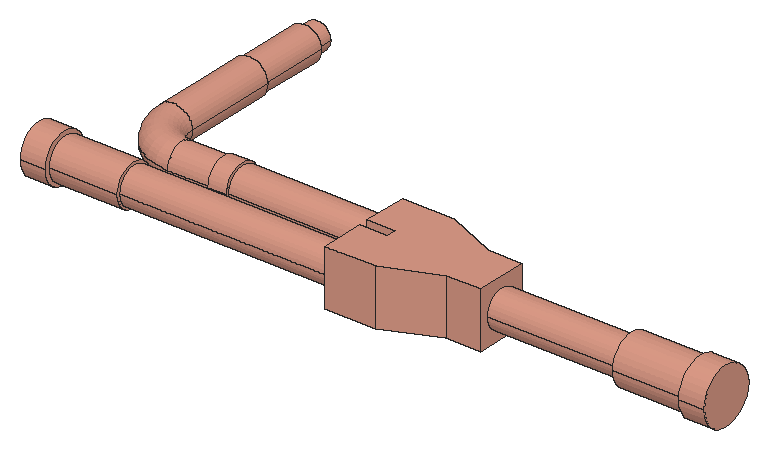
Revit family "outputfile", category 配管付属品, Revit 2024
Family settings
  丸型コネクタ寸法 = 半径を使用
  パーツ タイプ = 標準
  OmniClass 番号 = 23.65.55.00
  OmniClass タイトル = Distribution of Supplied Liquids/Gases
  作業面ベース = いいえ
  常に垂直 = はい
  ロード時にボイドで切り取り = いいえ
  共有 = いいえ
Parameters (values of type "BHFP22P151_(1)")
  Description = ""
  製造元 = "Daikin"
  書き出し IFC クラス(タイプ) = "IfcPipeFittingType"
  Default Elevation = 0.0 mm
  定義済み IFC タイプ(タイプ) = "JUNCTION"
  Cost = 0
  モデル = "BHFP22P151_(1)"
  Type Comments = ""
  Keynote = ""
  Type Image = (empty or 0)
  Assembly Code = ""
  table_PipeToCU_B [instance] = if(mm⇔inch, "Multi Module Kit_BHFP22P-_Liquid_PipeToCU_B", "Multi Module Kit_BHFP22P-_Liquid_PipeToCU_B_inch")  # "Multi Module Kit_BHFP22P-_Liquid_PipeToCU_B"
  table_PipeToCU_A [instance] = if(mm⇔inch, "Multi Module Kit_BHFP22P-_Liquid_PipeToCU_A", "Multi Module Kit_BHFP22P-_Liquid_PipeToCU_A_inch")  # "Multi Module Kit_BHFP22P-_Liquid_PipeToCU_A"
  table_ToMainPipe [instance] = if(mm⇔inch, "Multi Module Kit_BHFP22P-_Liquid_ToMainPipe", "Multi Module Kit_BHFP22P-_Liquid_ToMainPipe_inch")  # "Multi Module Kit_BHFP22P-_Liquid_ToMainPipe"
  switch_ToMainPipe3 [instance] = if(number_ToMainPipe < 3, 1 = 0, 1 = 1)  # no
  switch_PipeToCU_B Reducer [instance] = if(and(Is_PipeToCU_B Reducer = 1, judge_IsOffsetPipe_ToOutdoorUnitB = 0), 1 = 1, 1 = 0)  # no
  switch_PipeToCU_B4 [instance] = if(number_PipeToCU_B < 4, 1 = 0, 1 = 1)  # no
  switch_PipeToCU_B3 [instance] = if(number_PipeToCU_B < 3, 1 = 0, 1 = 1)  # no
  switch_PipeToCU_B2 [instance] = if(number_PipeToCU_B < 2, 1 = 0, 1 = 1)  # yes
  switch_PipeToCU_A Reducer [instance] = if(Is_PipeToCU_A Reducer = 1, 1 = 1, 1 = 0)  # yes
  switch_ToMainPipe Reducer [instance] = if(Is_ToMainPipe Reducer = 1, 1 = 1, 1 = 0)  # no
  switch_ToMainPipe2 [instance] = if(number_ToMainPipe < 2, 1 = 0, 1 = 1)  # yes
  r_PipeToCU_B_ActualDiameter [instance] = PipeToCU_B_Liquid_ActualDiameter / 2  # 9.55 mm
  r_PipeToCU_A_ActualDiameter [instance] = PipeToCU_A_Liquid_ActualDiameter / 2  # 4.75 mm
  r_ToMainPipe_ActualDiameter [instance] = ToMainPipe_Liquid_ActualDiameter / 2  # 11.1 mm
  number_PipeToCU_B ReducerPipe [instance] = size_lookup(table_PipeToCU_B, "reducerPipeNumber", 0, モデル, judge_IsOffsetPipe_ToOutdoorUnitB, PipeToCU_B_Liquid_ActualDiameter)  # 0
  number_PipeToCU_B [instance] = size_lookup(table_PipeToCU_B, "pipeNumber", 2, モデル, judge_IsOffsetPipe_ToOutdoorUnitB, PipeToCU_B_Liquid_ActualDiameter)  # 2
  number_PipeToCU_A ReducerPipe [instance] = size_lookup(table_PipeToCU_A, "reducerPipeNumber", 3, モデル, PipeToCU_A_Liquid_ActualDiameter)  # 3
  number_ToMainPipe [instance] = size_lookup(table_ToMainPipe, "pipeNumber", 3, モデル, ToMainPipe_Liquid_ActualDiameter)  # 2
  mm⇔inch [instance] = yes
  l_ToMainPipe3 [instance] = size_lookup(table_ToMainPipe, "L_Pipe3", 11.0 mm, モデル)  # 2.0 mm
  judge_IsOffsetPipe_ToOutdoorUnitB [instance] = 0  # constant formula
  Unit Type = "BHFP22P-_Liquid"
  Uniclass2015Version = "Products v1.31"
  Uniclass2015Title = "Copper pipe fittings"
  Uniclass2015Code = "Pr_65_52_63_18"
  URL = ""
  ToMainPipe_Liquid_Status [instance] = size_lookup(table_ToMainPipe, "Information", "The connected pipe size is not available.", モデル, ToMainPipe_Liquid_ActualDiameter)  # "Default connector size is used."
  ToMainPipe_Liquid_ActualDiameter [instance] = 22.2 mm
  Tag No. [instance] = ""
  Series = "Multi Module kit"
  RotateBranchPipetoCU_A_80° [instance] = no
  PipeToCU_B_Liquid_Status [instance] = size_lookup(table_PipeToCU_B, "Information", "The connected pipe size is not available.", モデル, judge_IsOffsetPipe_ToOutdoorUnitB, PipeToCU_B_Liquid_ActualDiameter)  # "Default connector size is used."
  PipeToCU_B_Liquid_ActualDiameter [instance] = 19.1 mm
  PipeToCU_A_Liquid_Status [instance] = size_lookup(table_PipeToCU_A, "Information", "The connected pipe size is not available.", モデル, PipeToCU_A_Liquid_ActualDiameter)  # "Reducer is used at connector."
  PipeToCU_A_Liquid_ActualDiameter [instance] = 9.5 mm
  O.D_PipeToCU_B Reducer [instance] = size_lookup(table_PipeToCU_B, "O.D_reducer", 2.0 mm, モデル, judge_IsOffsetPipe_ToOutdoorUnitB, PipeToCU_B_Liquid_ActualDiameter)  # 2.0 mm
  Material_Piping = DAIKIN_Copper_Pipe
  Material_Insulation = DAIKIN_White_Insulation
  location_PipeToCU_A connector [instance] = size_lookup(table_PipeToCU_A, "Locationconnector", 107.0 mm, モデル, PipeToCU_A_Liquid_ActualDiameter)  # 107.0 mm
  l_PipeToCU_B connector [instance] = size_lookup(table_PipeToCU_B, "Length", 128.0 mm, モデル, judge_IsOffsetPipe_ToOutdoorUnitB, PipeToCU_B_Liquid_ActualDiameter)  # 132.0 mm
  l_PipeToCU_B Reducer [instance] = 80.0 mm  # constant formula
  l_PipeToCU_B4 [instance] = size_lookup(table_PipeToCU_B, "L_Pipe4", 2.0 mm, モデル)  # 2.0 mm
  l_PipeToCU_B3 [instance] = size_lookup(table_PipeToCU_B, "L_Pipe3", 2.0 mm, モデル)  # 2.0 mm
  l_PipeToCU_B2 [instance] = size_lookup(table_PipeToCU_B, "L_Pipe2", 7.0 mm, モデル)  # 11.0 mm
  l_PipeToCU_B1 [instance] = size_lookup(table_PipeToCU_B, "L_Pipe1", 30.0 mm, モデル)  # 30.0 mm
  l_PipeToCU_B0 [instance] = size_lookup(table_PipeToCU_B, "L_Pipe0", 91.0 mm, モデル)  # 91.0 mm
  l_PipeToCU_A connector [instance] = size_lookup(table_PipeToCU_A, "Length", 97.0 mm, モデル, PipeToCU_A_Liquid_ActualDiameter)  # 97.0 mm
  l_PipeToCU_A1 [instance] = size_lookup(table_PipeToCU_A, "L_Pipe1", 8.0 mm, モデル)  # 8.0 mm
  l_PipeToCU_A0 [instance] = size_lookup(table_PipeToCU_A, "L_Pipe0", 62.0 mm, モデル)  # 62.0 mm
  l_ToMainPipe connector [instance] = size_lookup(table_ToMainPipe, "Length", 128.0 mm, モデル, ToMainPipe_Liquid_ActualDiameter)  # 98.0 mm
  l_ToMainPipe Reducer [instance] = size_lookup(table_ToMainPipe, "L_Reducer", 2.0 mm, モデル, ToMainPipe_Liquid_ActualDiameter)  # 2.0 mm
  l_ToMainPipe2 [instance] = size_lookup(table_ToMainPipe, "L_Pipe2", 30.0 mm, モデル)  # 11.0 mm
  l_ToMainPipe1 [instance] = size_lookup(table_ToMainPipe, "L_Pipe1", 30.0 mm, モデル)  # 30.0 mm
  l_ToMainPipe0 [instance] = size_lookup(table_ToMainPipe, "L_Pipe0", 57.0 mm, モデル)  # 57.0 mm
  judge_JointType(1or2) = 1
  count_PipeToCU_B Reducer [instance] = 0  # constant formula
  count_PipeToCU_A Reducer [instance] = size_lookup(table_PipeToCU_A, "reducerCount", 1, モデル, PipeToCU_A_Liquid_ActualDiameter)  # 1
  angle_PipeToCU_A Pipe [instance] = if(RotateBranchPipetoCU_A_90°, 90.00°, if(RotateBranchPipetoCU_A_80°, 80.00°, 0.00°))  # 0.00°
  angle_PipeToCU_A Connector [instance] = angle_PipeToCU_A Pipe + 90.00°  # 90.00°
  PipeToCU_B_Liquid_AvailableDiameter [instance] = size_lookup(table_PipeToCU_B, "sizeVariation", "", モデル, judge_IsOffsetPipe_ToOutdoorUnitB)  # "9.5/12.7/15.9/19.1mm"
  PipeToCU_A_Liquid_AvailableDiameter [instance] = size_lookup(table_PipeToCU_A, "sizeVariation", "", モデル)  # "9.5/12.7/15.9/19.1mm"
  ToMainPipe_Liquid_AvailableDiameter [instance] = size_lookup(table_ToMainPipe, "sizeVariation", "", モデル)  # "15.9/19.1/22.2mm"
  RotateBranchPipetoCU_A_90° [instance] = no
  O.D_ToMainPipe Reducer [instance] = size_lookup(table_ToMainPipe, "O.D_reducer", 2.0 mm, モデル, ToMainPipe_Liquid_ActualDiameter)  # 2.0 mm
  Link_Nested Family [instance] = ""
  Is_PipeToCU_B Reducer [instance] = size_lookup(table_PipeToCU_B, "IsReducer", 0, モデル, judge_IsOffsetPipe_ToOutdoorUnitB, PipeToCU_B_Liquid_ActualDiameter)  # 0
  Is_PipeToCU_A Reducer [instance] = size_lookup(table_PipeToCU_A, "IsReducer", 1, モデル, PipeToCU_A_Liquid_ActualDiameter)  # 1
  Is_ToMainPipe Reducer [instance] = size_lookup(table_ToMainPipe, "IsReducer", 0, モデル, ToMainPipe_Liquid_ActualDiameter)  # 0
  IfcVersion = ""
  IfcExportType = "JUNCTION"
  IfcExportAs = "IfcPipeFittingType"
  I.D_ToMainPipe3 [instance] = size_lookup(table_ToMainPipe, "I.D_PipeSize3", 22.2 mm, モデル)  # 2.0 mm
  I.D_PipeToCU_B Reducer [instance] = size_lookup(table_PipeToCU_B, "I.D_reducer", 2.0 mm, モデル, judge_IsOffsetPipe_ToOutdoorUnitB, PipeToCU_B_Liquid_ActualDiameter)  # 2.0 mm
  Attach_Insulation [instance] = no
  I.D_PipeToCU_B4 [instance] = size_lookup(table_PipeToCU_B, "I.D_PipeSize4", 2.0 mm, モデル)  # 2.0 mm
  I.D_PipeToCU_B3 [instance] = size_lookup(table_PipeToCU_B, "I.D_PipeSize3", 2.0 mm, モデル)  # 2.0 mm
  I.D_PipeToCU_B2 [instance] = size_lookup(table_PipeToCU_B, "I.D_PipeSize2", 9.5 mm, モデル)  # 19.1 mm
  I.D_PipeToCU_B1 [instance] = size_lookup(table_PipeToCU_B, "I.D_PipeSize1", 12.7 mm, モデル)  # 15.9 mm
  I.D_PipeToCU_B0 [instance] = size_lookup(table_PipeToCU_B, "I.D_PipeSize0", 13.9 mm, モデル)  # 13.9 mm
  I.D_PipeToCU_A1 [instance] = 15.5 mm  # constant formula
  I.D_PipeToCU_A0 [instance] = 13.9 mm  # constant formula
  I.D_ToMainPipe Reducer [instance] = size_lookup(table_ToMainPipe, "I.D_reducer", 2.0 mm, モデル, ToMainPipe_Liquid_ActualDiameter)  # 2.0 mm
  I.D_ToMainPipe2 [instance] = size_lookup(table_ToMainPipe, "I.D_PipeSize2", 19.1 mm, モデル)  # 22.2 mm
  I.D_ToMainPipe1 [instance] = size_lookup(table_ToMainPipe, "I.D_PipeSize1", 15.9 mm, モデル)  # 19.1 mm
  I.D_ToMainPipe0 [instance] = size_lookup(table_ToMainPipe, "I.D_PipeSize0", 13.9 mm, モデル)  # 13.9 mm
Reference planes
  plane 1 "Center (Front/Back)": y = 0
  plane 2: z = 0
  plane 3 "pipe2": x = 225.65
  plane 4: x = 214.65
  plane 5: x = 184.65
  plane 6: x = 127.65
  plane 7: x = 67.65
  plane 8: x = -2.35
  plane 9: x = -23.35
  plane 10: x = -53.35
  plane 11: x = -64.35
  plane 12: x = -66.35
  plane 13: x = -68.35
  plane 14 "offset_center": y = 11.5
  plane 15: y = -11.5
  plane 16: x = 5.65
  plane 17: x = 177.65
  plane 18 "ToMainPipe_connector": x = 225.65
  plane 19 "connector_OutdoorunitA": x = -39.35
  plane 20 "connector_ToOutdoorUnitB": x = -104.35
  plane 21 "pipe3": x = 227.65
  plane 22 "connector_PipeToCU_B": x = -64.35
Forms (mm)
  Extrusion 1, solid, material "DAIKIN_Copper_Pipe" <- "Material_Piping"
    sketch origin (0, 0, 0) x (1, 0, 0) y (0, 1, 0)
      loop
        line (67.65, 1.998) -> (79.65, 1.998) -> (79.65, -1.998) -> (67.65, -1.998) -> (67.65, -21.2) -> (89.801, -21.2) -> (112.65, -11.3) -> (127.65, -11.3) -> (127.65, 11.3) -> (112.65, 11.3) -> (89.801, 21.2) -> (67.65, 21.2) -> (67.65, 1.998)
    from -12.2 to 12.2
Dimensions and locks
  locked: plane 6 to plane 17 at 50
  "l_PipeToCU_A1": plane 8 to plane 16
  "l_PipeToCU_B1": plane 10 to plane 9
  "l_PipeToCU_B2": plane 11 to plane 10
  "l_PipeToCU_B3": plane 12 to plane 11
  "l_PipeToCU_B4": plane 13 to plane 12
  locked: plane 7 to plane 6 at 60
  "l_ToMainPipe1": plane 5 to plane 4
  "l_ToMainPipe2": plane 4 to plane 3 "pipe2"
  "l_ToMainPipe0": plane 6 to plane 5
  "l_ToMainPipe connector": plane 6 to plane 18 "ToMainPipe_connector"
  plane 14 "offset_center" to plane 1 "Center (Front/Back)" to plane 15 = 11.5 mm locked, 11.5 mm locked
  locked: plane 1 "Center (Front/Back)" to Extrusion 1 sketch curve at 11.3  (x2)
  locked: Extrusion 1 sketch curve to plane 1 "Center (Front/Back)" at 21.2
  locked: plane 1 "Center (Front/Back)" to Extrusion 1 sketch curve at 21.2
  "l_PipeToCU_A0": plane 16 to plane 7
  "location_PipeToCU_A connector": plane 19 "connector_OutdoorunitA" to plane 7
  "l_PipeToCU_B0": plane 9 to plane 7
  "l_ToMainPipe3": plane 3 "pipe2" to plane 21 "pipe3"
  "l_PipeToCU_B connector": plane 22 "connector_PipeToCU_B" to plane 7
  aligned and locked: level to plane 2
  aligned and locked: plane 2 to nested 1
  aligned and locked: plane 1 "Center (Front/Back)" to nested 1
  aligned and locked: plane 3 "pipe2" to nested 1
  aligned and locked: plane 4 to nested 1
  aligned and locked: plane 4 to nested 2
  aligned and locked: plane 5 to nested 2
  aligned and locked: plane 5 to nested 3
  aligned and locked: plane 6 to nested 3
  aligned and locked: plane 6 to Extrusion 1
  aligned and locked: Extrusion 1 to plane 7  (x2)
  aligned and locked: plane 7 to nested 4
  aligned and locked: plane 8 to nested 5
  aligned and locked: plane 16 to nested 5
  aligned and locked: nested 5 to plane 14 "offset_center"
  aligned and locked: nested 6 to plane 15
  aligned and locked: plane 7 to nested 6
  aligned and locked: plane 9 to nested 6
  aligned and locked: plane 10 to nested 7
  aligned and locked: plane 9 to nested 7
  aligned and locked: plane 11 to nested 8
  aligned and locked: plane 10 to nested 8
  aligned and locked: plane 12 to nested 9
  aligned and locked: plane 11 to nested 9
  aligned and locked: plane 13 to nested 10
  aligned and locked: plane 12 to nested 10
  aligned and locked: nested 10 to plane 15
  aligned and locked: nested 9 to plane 15
  aligned and locked: nested 8 to plane 15
  aligned and locked: nested 7 to plane 15
  aligned and locked: plane 1 "Center (Front/Back)" to nested 11
  aligned and locked: plane 17 to nested 11
  aligned and locked: plane 16 to nested 4
  aligned and locked: nested 12 to plane 14 "offset_center"
  aligned and locked: plane 8 to nested 12
  aligned and locked: plane 1 "Center (Front/Back)" to nested 13
  aligned and locked: plane 18 "ToMainPipe_connector" to nested 13
  aligned and locked: plane 6 to nested 14
  aligned and locked: plane 1 "Center (Front/Back)" to nested 3
  aligned and locked: nested 15 to plane 7
  aligned and locked: nested 4 to plane 14 "offset_center"
  aligned and locked: plane 3 "pipe2" to nested 16
  aligned and locked: plane 21 "pipe3" to nested 16
  aligned and locked: nested 15 to plane 15
  aligned and locked: nested 17 to plane 22 "connector_PipeToCU_B"
  aligned and locked: plane 15 to nested 17
  aligned and locked: plane 14 "offset_center" to nested 18
  aligned and locked: nested 18 to plane 19 "connector_OutdoorunitA"
Automatic sketch dimensions
  Extrusion 1 sketch curve to plane 7 = 0.0 mm  (x2)
  Extrusion 1 sketch curve to plane 6 = 0.0 mm
  Extrusion 1 sketch curve to plane 1 "Center (Front/Back)" = 1.998 mm
  plane 7 to Extrusion 1 sketch curve = 12.0 mm
  Extrusion 1 sketch curve to Extrusion 1 sketch curve = 10.151 mm  (x2)
  Extrusion 1 sketch curve to Extrusion 1 sketch curve = 15.0 mm  (x2)
  plane 1 "Center (Front/Back)" to Extrusion 1 sketch curve = 1.998 mm
Nested families
  nested 1: "daikin_Pipe" at (220.15, 0, 0), I.D_Pipe <- "I.D_ToMainPipe2", display <- "switch_ToMainPipe2", type "*"
    with length_Pipe 11.0 mm, display yes, O.D_Pipe 24.2 mm, I.D_Pipe 22.2 mm
  nested 2: "daikin_Pipe" at (199.65, 0, 0), I.D_Pipe <- "I.D_ToMainPipe1", type "*"
    with length_Pipe 30.0 mm, display yes, O.D_Pipe 21.1 mm, I.D_Pipe 19.1 mm
  nested 3: "daikin_Pipe" at (156.15, 0, 0), I.D_Pipe <- "I.D_ToMainPipe0", type "*"
    with length_Pipe 57.0 mm, display yes, O.D_Pipe 15.9 mm, I.D_Pipe 13.9 mm
  nested 4: "daikin_Pipe" at (36.65, 11.5, 0), I.D_Pipe <- "I.D_PipeToCU_A0", type "*"
    with length_Pipe 62.0 mm, display yes, O.D_Pipe 15.9 mm, I.D_Pipe 13.9 mm
  nested 5: "daikin_Pipe" at (1.65, 11.5, 0), I.D_Pipe <- "I.D_PipeToCU_A1", type "*"
    with length_Pipe 8.0 mm, display yes, O.D_Pipe 17.5 mm, I.D_Pipe 15.5 mm
  nested 6: "daikin_Pipe" at (22.15, -11.5, 0), I.D_Pipe <- "I.D_PipeToCU_B0", type "*"
    with length_Pipe 91.0 mm, display yes, O.D_Pipe 15.9 mm, I.D_Pipe 13.9 mm
  nested 7: "daikin_Pipe" at (-38.35, -11.5, 0), I.D_Pipe <- "I.D_PipeToCU_B1", type "*"
    with length_Pipe 30.0 mm, display yes, O.D_Pipe 17.9 mm, I.D_Pipe 15.9 mm
  nested 8: "daikin_Pipe" at (-58.85, -11.5, 0), I.D_Pipe <- "I.D_PipeToCU_B2", display <- "switch_PipeToCU_B2", type "*"
    with length_Pipe 11.0 mm, display yes, O.D_Pipe 21.1 mm, I.D_Pipe 19.1 mm
  nested 9: "daikin_Pipe" at (-65.35, -11.5, 0), display <- "switch_PipeToCU_B3", I.D_Pipe <- "I.D_PipeToCU_B3", visible <- "switch_PipeToCU_B3", type "*"
    with length_Pipe 2.0 mm, display no, O.D_Pipe 4.0 mm, I.D_Pipe 2.0 mm
  nested 10: "daikin_Pipe" at (-67.35, -11.5, 0), display <- "switch_PipeToCU_B4", I.D_Pipe <- "I.D_PipeToCU_B4", visible <- "switch_PipeToCU_B4", type "*"
    with length_Pipe 2.0 mm, display no, O.D_Pipe 4.0 mm, I.D_Pipe 2.0 mm
  nested 11: "daikin_MultiModeluKit_Insulation" at (177.65, 0, 0), display <- "Attach_Insulation", type "*"
    with h 54.2 mm, display no, I.D_Outlet PipeSize 22.2 mm
  nested 12: "daikin_Multi Module kit_Reducer90_rotate" at (-2.35, 11.5, 0), number_reducerPipe <- "number_PipeToCU_A ReducerPipe", angle_Pipe <- "angle_PipeToCU_A Pipe", I.D_Pipe <- "PipeToCU_A_Liquid_ActualDiameter", count_Reducer <- "count_PipeToCU_A Reducer", type "*"
    with number_reducerPipe 3, display_Pipe2 yes, display_Pipe1 yes, count_Reducer 1, angle_Pipe 0.00°, I.D_Pipe 9.5 mm
  nested 13: "daikin_Pipe_reducer" at (224.65, 0, 0), I.D_Pipe1 <- "I.D_ToMainPipe Reducer", O.D_Pipe2 <- "O.D_ToMainPipe Reducer", length_Pipe <- "l_ToMainPipe Reducer", display <- "switch_ToMainPipe Reducer", type "*"
    with length_Pipe 2.0 mm, display no, O.D_Pipe2 2.0 mm, O.D_Pipe1 4.0 mm, I.D_Pipe2 0.0 mm, I.D_Pipe1 2.0 mm
  nested 14: "daikin_connector_rotate3" at (127.65, 0, 0) x (0, 1, 0) z (0, 0, 1), length <- "l_ToMainPipe connector", type "daikin_connector_rotate3"
    with radius 10.0 mm, length 98.0 mm, angle_vertical 90.00°, angle_horizontal 0.00°, show_face no, show_circle no
  nested 15: "daikin_connector_rotate3" at (67.65, -11.5, 0) x (0, -1, 0) z (0, 0, 1), length <- "l_PipeToCU_B connector", type "daikin_connector_rotate3"
    with radius 10.0 mm, length 132.0 mm, angle_vertical 90.00°, angle_horizontal 0.00°, show_face no, show_circle no
  nested 16: "daikin_Pipe" at (226.65, 0, 0), display <- "switch_ToMainPipe3", I.D_Pipe <- "I.D_ToMainPipe3", type "*"
    with length_Pipe 2.0 mm, display no, O.D_Pipe 4.0 mm, I.D_Pipe 2.0 mm
  nested 17: "daikin_Pipe_reducer" at (-24.35, -11.5, 0) x (-1, 0, 0) z (0, 0, 1), length_Pipe <- "l_PipeToCU_B Reducer", I.D_Pipe1 <- "I.D_PipeToCU_B Reducer", O.D_Pipe2 <- "O.D_PipeToCU_B Reducer", display <- "switch_PipeToCU_B Reducer", type "*"
    with length_Pipe 80.0 mm, display no, O.D_Pipe2 2.0 mm, O.D_Pipe1 4.0 mm, I.D_Pipe2 0.0 mm, I.D_Pipe1 2.0 mm
  nested 18: "daikin_connector_rotate3" at (-39.35, 11.5, 0) x (-1, 0, 0) z (0, 0, 1), angle_vertical <- "angle_PipeToCU_A Connector", length <- "l_PipeToCU_A connector", type "daikin_connector_rotate3"
    with radius 10.0 mm, length 97.0 mm, angle_vertical 90.00°, angle_horizontal 0.00°, show_face no, show_circle no
Connectors
  piping at (225.65, 0, 0), diameter 22.2, driven by "r_ToMainPipe_ActualDiameter"
    settings: on nested 14, index 1, connector inside diameter 609.6 mm, connector length 0.0 mm, flow factor 0, pipe flow 0.00 m³/h, pressure drop 0.0 Pa, fitting loss kfactor 0, connector angle 0.00°, fixture units 0, engagement length 0.0 mm, angle of deflection 0.00°, flow configuration 0, flow direction 2, fitting loss method 0, system type 29, joint type 0, gender type 0, connector reference index -1, connector utility 0, adjustable connector no, is connector primary yes, connector description "Multi Module kit_to Main Pipe_Liquid"
  piping at (-64.35, -11.5, 0), diameter 19.1, driven by "r_PipeToCU_B_ActualDiameter"
    settings: on nested 15, index 3, connector inside diameter 609.6 mm, connector length 0.0 mm, flow factor 0, pipe flow 0.00 m³/h, pressure drop 0.0 Pa, fitting loss kfactor 0, connector angle 0.00°, fixture units 0, engagement length 0.0 mm, angle of deflection 0.00°, flow configuration 0, flow direction 1, fitting loss method 0, system type 29, joint type 0, gender type 0, connector reference index -1, connector utility 0, adjustable connector no, is connector primary no, connector description "Multi Module kit_Piping to CU-B_Liquid"
  piping at (-39.35, 108.5, 0), diameter 9.5, driven by "r_PipeToCU_A_ActualDiameter"
    settings: on nested 18, index 4, connector inside diameter 609.6 mm, connector length 0.0 mm, flow factor 0, pipe flow 0.00 m³/h, pressure drop 0.0 Pa, fitting loss kfactor 0, connector angle 0.00°, fixture units 0, engagement length 0.0 mm, angle of deflection 0.00°, flow configuration 0, flow direction 1, fitting loss method 0, system type 29, joint type 0, gender type 0, connector reference index -1, connector utility 0, adjustable connector no, is connector primary no, connector description "Multi Module kit_Piping to CU-A_Liquid"
Definition of nested family "daikin_Pipe"
  Parameters (values of type "*")
    Default Elevation = 0.0 mm
    material = none
    length_Pipe [instance] = 150.0 mm
    display [instance] = yes
    O.D_Pipe [instance] = I.D_Pipe + 2.0 mm  # 27.0 mm
    I.D_Pipe [instance] = 25.0 mm
  Reference planes
    plane 1 "Center (Front/Back)": y = 0
    plane 2 "center(vertical)": z = 0
    plane 3 "Center (Left/Right)": x = 0
    plane 4 "left": x = -75
    plane 5 "right": x = 75
  Forms (mm)
    Extrusion 1, solid, material <- "material", visible <- "display"
      sketch origin (0, 0, 0) x (0, 1, 0) y (0, 0, 1)
        loop
          circle (0, 0) r 13.5
      from -75 to 75
  Dimensions and locks
    equal spacing: plane 4 "left", plane 3 "Center (Left/Right)", plane 5 "right"
    "length_Pipe": plane 4 "left" to plane 5 "right"
    "O.D_Pipe": diameter of Extrusion 1 sketch curve
    aligned and locked: level to plane 2 "center(vertical)"
    aligned and locked: plane 2 "center(vertical)" to Extrusion 1 sketch curve
    aligned and locked: plane 1 "Center (Front/Back)" to Extrusion 1 sketch curve
    aligned and locked: plane 5 "right" to Extrusion 1
    aligned and locked: Extrusion 1 to plane 4 "left"
Definition of nested family "daikin_Multi Module kit_Reducer90_rotate"
  Parameters (values of type "*")
    Default Elevation = 0.0 mm
    number_reducerPipe [instance] = 4
    material_Pipe = none
    display_Pipe2 [instance] = if(number_reducerPipe < 3, 1 = 0, 1 = 1)  # yes
    display_Pipe1 [instance] = if(number_reducerPipe < 2, 1 = 0, 1 = 1)  # yes
    count_Reducer [instance] = 0
    angle_Pipe [instance] = 30.00°
    I.D_Pipe [instance] = 0.0 mm
  Reference planes
    plane 1 "Center (Front/Back)": y = 0
    plane 2: z = 0
    plane 3 "Center (Left/Right)": x = 0
  Dimensions and locks
    "angle_Pipe": angle plane 2 to nested 1
    aligned and locked: level to plane 2
  Nested families
    nested 1: "daikin_Multi Module kit_Reducer90" at (0, 0, 0) x (1, 0, 0) z (0, -0.5, 0.866), display_Pipe2 <- "display_Pipe2", display_Pipe1 <- "display_Pipe1", I.D_connector <- "I.D_Pipe", count_Reducer <- "count_Reducer", type "*"
      with display_Reducer no, display_Pipe2 yes, display_Pipe1 yes, count_Reducer 0, I.D_connector 0.0 mm
  Definition of nested family "daikin_Multi Module kit_Reducer90"
    Parameters (values of type "*")
      Default Elevation = 0.0 mm
      material_Pipe = none
      display_Reducer [instance] = and(I.D_connector = 19.1 mm, count_Reducer = 2)  # no
      display_Pipe2 [instance] = yes
      display_Pipe1 [instance] = yes
      count_Reducer [instance] = 0
      O.D_Pipe2 = 9.5 mm + 2.0 mm  # 11.5 mm
      O.D_Pipe1 = 12.7 mm + 2.0 mm  # 14.7 mm
      O.D_Pipe0 = 15.9 mm  # constant formula
      I.D_connector [instance] = 0.0 mm
    Reference planes
      plane 1 "Center (Front/Back)": y = 0
      plane 2 "center_vertical": z = 0
      plane 3 "Center (Left/Right)": x = 0
      plane 4 "center_toOutdoor": x = -37
      plane 5: y = 60
      plane 6: y = 90
      plane 7: y = 97
    Forms (mm)
      Sweep 1, solid, material <- "material_Pipe"
        path origin (0, 0, 0) x (1, 0, 0) y (0, 1, 0)
          loop
            line (0, 0) -> (-18.241, 0)
            arc (-18.241, 0) -> (-31.506, 5.494) -> (-37, 18.759) r 18.759
            line (-37, 18.759) -> (-37, 60)
        profile origin (-9.12, 0, 0) x (0, -1, 0) y (0, 0, 1)
          loop
            circle (0, 0) r 7.95
      Extrusion 2, solid, material <- "material_Pipe", visible <- "display_Pipe1"
        sketch origin (0, 0, 0) x (1, 0, 0) y (0, 0, 1)
          loop
            circle (-37, 0) r 7.35
        from -90 to -60
      Extrusion 3, solid, material <- "material_Pipe", visible <- "display_Pipe2"
        sketch origin (75, -2.05, 0) x (1, 0, 0) y (0, 0, 1)
          loop
            circle (-112, 0) r 5.75
        from -99.05 to -92.05
    Lines and regions (mm)
      reference lines
        curve 1: line (0, 0, 0) -> (-37, 0, 0)
    Dimensions and locks
      plane 1 "Center (Front/Back)" to plane 5 = 60.0 mm
      plane 6 to plane 5 = 30.0 mm
      plane 7 to plane 6 = 7.0 mm
      plane 4 "center_toOutdoor" to plane 3 "Center (Left/Right)" = 37.0 mm
      "O.D_Pipe2": diameter of Extrusion 3 sketch curve
      "O.D_Pipe0": diameter of Sweep 1 sketch curve
      "O.D_Pipe1": diameter of Extrusion 2 sketch curve
      aligned and locked: level to plane 2 "center_vertical"
      aligned and locked: plane 6 to Extrusion 2
      aligned and locked: Extrusion 2 to plane 5
      aligned and locked: Extrusion 3 to plane 6
      aligned and locked: Sweep 1 sketch curve to plane 1 "Center (Front/Back)"
      aligned and locked: plane 3 "Center (Left/Right)" to curve 1
      aligned and locked: curve 1 to plane 1 "Center (Front/Back)"
      aligned and locked: plane 7 to Extrusion 3
      aligned and locked: plane 6 to nested 1
      aligned and locked: plane 4 "center_toOutdoor" to nested 1
    Automatic sketch dimensions
      Sweep 1 sketch curve to plane 4 "center_toOutdoor" = 0.0 mm
      Sweep 1 sketch curve to plane 3 "Center (Left/Right)" = 0.0 mm
      Sweep 1 sketch curve to plane 5 = 0.0 mm
      Sweep 1 sketch curve to plane 3 "Center (Left/Right)" = 18.241 mm
      curve 1 to plane 4 "center_toOutdoor" = 0.0 mm
      Sweep 1 sketch curve to level = 0.0 mm
      Sweep 1 sketch curve to profile plane = 0.0 mm
      Extrusion 2 sketch curve to level = 0.0 mm
      Extrusion 2 sketch curve to plane 4 "center_toOutdoor" = 0.0 mm
      Extrusion 3 sketch curve to level = 0.0 mm
      Extrusion 3 sketch curve to plane 4 "center_toOutdoor" = 0.0 mm
    Nested families
      nested 1: "daikin_Pipe_reducer" at (-37, 130, 0) x (0, 1, 0) z (0, 0, 1), display <- "display_Reducer", type "*"
        with length_Pipe 80.0 mm, display no, O.D_Pipe2 12.7 mm, O.D_Pipe1 21.1 mm, I.D_Pipe2 10.7 mm, I.D_Pipe1 19.1 mm
    Definition of nested family "daikin_Pipe_reducer"
      Parameters (values of type "*")
        Default Elevation = 0.0 mm
        material = none
        length_Pipe [instance] = 250.0 mm
        display [instance] = yes
        O.D_Pipe2 [instance] = 19.1 mm
        O.D_Pipe1 [instance] = I.D_Pipe1 + 2.0 mm  # 24.2 mm
        I.D_Pipe2 [instance] = O.D_Pipe2 - 2.0 mm  # 17.1 mm
        I.D_Pipe1 [instance] = 22.2 mm
      Reference planes
        plane 1 "Center (Front/Back)": y = 0
        plane 2 "center(vertical)": z = 0
        plane 3 "Center (Left/Right)": x = 0
        plane 4 "connection": x = -125
        plane 5 "right": x = 113
        plane 6: x = 125
      Forms (mm)
        Extrusion 1, solid, material <- "material", visible <- "display"
          sketch origin (0, 0, 0) x (0, 1, 0) y (0, 0, 1)
            loop
              circle (0, 0) r 9.55
          from -125 to 113
        Extrusion 2, solid, material <- "material", visible <- "display"
          sketch origin (0, 0, 0) x (0, 1, 0) y (0, 0, 1)
            loop
              circle (0, 0) r 12.1
          from 113 to 125
      Dimensions and locks
        locked: plane 5 "right" to plane 6 at 12
        "length_Pipe": plane 4 "connection" to plane 6
        equal spacing: plane 4 "connection", plane 3 "Center (Left/Right)", plane 6
        "O.D_Pipe2": diameter of Extrusion 1 sketch curve
        "O.D_Pipe1": diameter of Extrusion 2 sketch curve
        aligned and locked: level to plane 2 "center(vertical)"
        aligned and locked: plane 2 "center(vertical)" to Extrusion 1 sketch curve
        aligned and locked: plane 1 "Center (Front/Back)" to Extrusion 1 sketch curve
        aligned and locked: plane 5 "right" to Extrusion 1
        aligned and locked: Extrusion 1 to plane 4 "connection"
        aligned and locked: plane 2 "center(vertical)" to Extrusion 2 sketch curve
        aligned and locked: plane 1 "Center (Front/Back)" to Extrusion 2 sketch curve
        aligned and locked: Extrusion 2 to plane 5 "right"
        aligned and locked: plane 6 to Extrusion 2
Definition of nested family "daikin_MultiModeluKit_Insulation"
  Parameters (values of type "*")
    Default Elevation = 0.0 mm
    Model = ""
    material = none
    h [instance] = (I.D_Outlet PipeSize + 2.0 mm) + 30.0 mm  # 47.0 mm
    display [instance] = yes
    I.D_Outlet PipeSize [instance] = 15.0 mm
  Reference planes
    plane 1 "Center (Front/Back)": y = 0
    plane 2: z = 0
    plane 3 "Left": x = 0
    plane 4 "top": z = 23.5
    plane 5 "bottom": z = -23.5
  Forms (mm)
    Extrusion 1, solid, material <- "material", visible <- "display"
      sketch origin (0, 0, 0) x (1, 0, 0) y (0, 1, 0)
        loop
          line (0, -22.3) -> (0, 22.3) -> (-101, 45.79) -> (-187, 45.79) -> (-187, 6.128) -> (-257, 10) -> (-257, -45.79) -> (-101, -45.79) -> (0, -22.3)
      from -23.5 to 23.5
  Dimensions and locks
    equal spacing: plane 4 "top", plane 2, plane 5 "bottom"
    "h": plane 4 "top" to plane 5 "bottom"
    equal spacing: Extrusion 1 sketch curve, plane 1 "Center (Front/Back)", Extrusion 1 sketch curve
    locked: Extrusion 1 sketch curve to plane 3 "Left" at 101  (x2)
    locked: Extrusion 1 sketch curve to plane 3 "Left" at 187
    locked: Extrusion 1 sketch curve to plane 3 "Left" at 257
    aligned and locked: level to plane 2
    aligned and locked: plane 3 "Left" to Extrusion 1
    aligned and locked: Extrusion 1 to plane 5 "bottom"
    aligned and locked: plane 4 "top" to Extrusion 1
  Automatic sketch dimensions
    Extrusion 1 sketch curve to plane 3 "Left" = 0.0 mm
    plane 1 "Center (Front/Back)" to Extrusion 1 sketch curve = 45.79 mm
    plane 1 "Center (Front/Back)" to Extrusion 1 sketch curve = 22.3 mm
    Extrusion 1 sketch curve to plane 1 "Center (Front/Back)" = 45.79 mm
    Extrusion 1 sketch curve to plane 1 "Center (Front/Back)" = 10.0 mm
    Extrusion 1 sketch curve to plane 1 "Center (Front/Back)" = 6.128 mm
Definition of nested family "daikin_Pipe_reducer"
  Parameters (values of type "*")
    Default Elevation = 0.0 mm
    material = none
    length_Pipe [instance] = 250.0 mm
    display [instance] = yes
    O.D_Pipe2 [instance] = 19.1 mm
    O.D_Pipe1 [instance] = I.D_Pipe1 + 2.0 mm  # 24.2 mm
    I.D_Pipe2 [instance] = O.D_Pipe2 - 2.0 mm  # 17.1 mm
    I.D_Pipe1 [instance] = 22.2 mm
  Reference planes
    plane 1 "Center (Front/Back)": y = 0
    plane 2 "center(vertical)": z = 0
    plane 3 "Center (Left/Right)": x = 0
    plane 4 "connection": x = -125
    plane 5 "right": x = 113
    plane 6: x = 125
  Forms (mm)
    Extrusion 1, solid, material <- "material", visible <- "display"
      sketch origin (0, 0, 0) x (0, 1, 0) y (0, 0, 1)
        loop
          circle (0, 0) r 9.55
      from -125 to 113
    Extrusion 2, solid, material <- "material", visible <- "display"
      sketch origin (0, 0, 0) x (0, 1, 0) y (0, 0, 1)
        loop
          circle (0, 0) r 12.1
      from 113 to 125
  Dimensions and locks
    locked: plane 5 "right" to plane 6 at 12
    "length_Pipe": plane 4 "connection" to plane 6
    equal spacing: plane 4 "connection", plane 3 "Center (Left/Right)", plane 6
    "O.D_Pipe2": diameter of Extrusion 1 sketch curve
    "O.D_Pipe1": diameter of Extrusion 2 sketch curve
    aligned and locked: level to plane 2 "center(vertical)"
    aligned and locked: plane 2 "center(vertical)" to Extrusion 1 sketch curve
    aligned and locked: plane 1 "Center (Front/Back)" to Extrusion 1 sketch curve
    aligned and locked: plane 5 "right" to Extrusion 1
    aligned and locked: Extrusion 1 to plane 4 "connection"
    aligned and locked: plane 2 "center(vertical)" to Extrusion 2 sketch curve
    aligned and locked: plane 1 "Center (Front/Back)" to Extrusion 2 sketch curve
    aligned and locked: Extrusion 2 to plane 5 "right"
    aligned and locked: plane 6 to Extrusion 2
Definition of nested family "daikin_connector_rotate3"
  Parameters (values of type "daikin_connector_rotate3")
    Default Elevation = 1219.2 mm
    show_face = yes
    show_circle = yes
    radius [instance] = 10.0 mm
    length [instance] = 60.0 mm
    angle_horizontal [instance] = 60.00°
    angle_vertical [instance] = 90.00°
  Reference planes
    plane 1 "Center (Front/Back)": y = 0
    plane 2: z = 0
    plane 3 "Center (Left/Right)": x = 0
  Dimensions and locks
    "angle_horizontal": angle plane 3 "Center (Left/Right)" to nested 1
    aligned and locked: level to plane 2
    aligned and locked: plane 1 "Center (Front/Back)" to nested 1  (x2)
    aligned and locked: plane 3 "Center (Left/Right)" to nested 1
  Nested families
    nested 1: "daikin_connector_rotate2" at (0, 0, 0) x (0.5, 0.866, 0) z (0, 0, 1), angle_vertical <- "angle_vertical", length <- "length", radius <- "radius", type "daikin_connector_rotate2"
      with radius 10.0 mm, length 60.0 mm, angle_vertical 90.00°
  Definition of nested family "daikin_connector_rotate2"
    Parameters (values of type "daikin_connector_rotate2")
      Default Elevation = 0.0 mm
      show_face = yes
      show_circle = yes
      radius [instance] = 10.0 mm
      length [instance] = 60.0 mm
      d_surface = 10.0 mm
      angle_vertical [instance] = 90.00°
    Reference planes
      plane 1 "Center (Front/Back)": y = 0
      plane 2: z = 0
      plane 3 "Center (Left/Right)": x = 0
    Forms (mm)
      Extrusion 1, solid, visible <- "show_face"
        sketch origin (0, -60, 0) x (1, 0, 0) y (0, 0, 1)
          loop
            circle (0, 0) r 10
        from 0 to -10
    Lines and regions (mm)
      reference lines
        curve 1: line (0, 0, 0) -> (0, -60, 0)
      symbolic lines, visible <- "show_circle"
        curve 2: circle (0, 0, 0) r 5 normal (0, 0, 1)
      model lines, visible <- "show_face"
        curve 3: line (0, 0, 0) -> (0, -60, 0)
    Dimensions and locks
      "length": curve 1 to curve 1
      "length": curve 3 to curve 3
      "d_surface": Extrusion 1 to Extrusion 1
      "radius": radius of Extrusion 1 sketch curve
      "angle_vertical": angle curve 1 to plane 1 "Center (Front/Back)"
      "angle_vertical": angle curve 3 to plane 1 "Center (Front/Back)"
      aligned and locked: level to plane 2
      aligned and locked: plane 1 "Center (Front/Back)" to curve 1
      aligned and locked: plane 2 to curve 1
      aligned and locked: plane 1 "Center (Front/Back)" to curve 2
      aligned and locked: plane 3 "Center (Left/Right)" to curve 2
      aligned and locked: plane 1 "Center (Front/Back)" to curve 3
      aligned and locked: plane 2 to curve 3
      aligned and locked: Extrusion 1 to Extrusion 1
    Automatic sketch dimensions
      Extrusion 1 sketch curve to level = 0.0 mm
      Extrusion 1 sketch curve to plane 3 "Center (Left/Right)" = 0.0 mm
      radius of curve 2 = 5.0 mm
